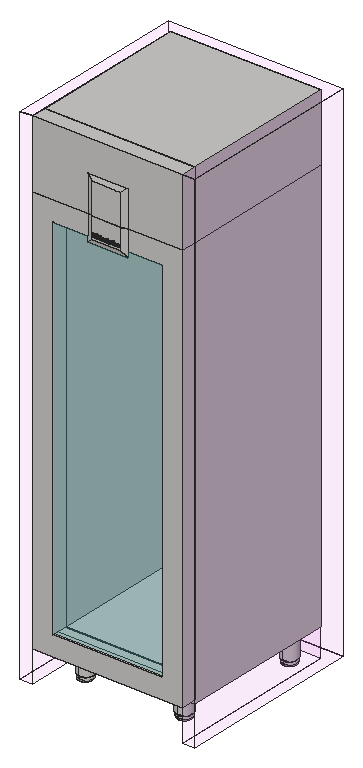
Revit family "QF_ELECTROLUXPROFESSIONAL_691346_PS04R1GHC", category Specialty Equipment, Revit 2018
Family settings
  Round Connector Dimension = Use Diameter
  Part Type = Normal
  Work Plane-Based = No
  Always vertical = Yes
  Cut with Voids When Loaded = No
  Shared = No
  Room Calculation Point = No
Parameters (values of type "Standard")
  Weight = 22.4263 lbm
  Watts = 0 W
  Volts = 220 V
  URL Manufacturer = "http://professional.electrolux.com"
  URL = "http://professional.electrolux.com"
  Steam Supply Size = 0"
  Steam Supply Minimum Pressure = 0.00 psi
  Steam Supply Maximum Pressure = 0.00 psi
  Steam Pounds per Hour = 0
  Show Clearance [instance] = yes
  Refrigeration Suction Line Size = 0"
  Refrigeration Liquid Line Size = 0"
  Refrigerant Compressor Remote = yes
  Phase = 1
  Model = "PS04R1GHC"
  Manufacturer = "Electrolux Professional"
  Length Actual = 600 mm  # constant formula
  Item Number = "691346"
  Hot Water Size = 0"
  Height Actual = 2040 mm  # constant formula
  HP = "0.3 HP"
  Gas Size = 0"
  Gas KW = 0
  Gas Input Pressure = 0.0 Btu/h
  Direct Waste Size = 0"
  Description = "1-GLASS DOOR REFRIGERATOR 470LT,0/+10°,PROST-R290"
  Depth Actual = 700 mm  # constant formula
  Cycle = 50 Hz
  Condensate Return Size = 0"
  Compressed Air Volume = 0 GPM
  Compressed Air Size = 0"
  Compressed Air Pressure = 0.00 psi
  Cold Water Size = 0"
  Accessory = yes
Types (2, lengths in mm): name | URL | Phase | Model | Manufacturer | Description
  (no name) | "http://professional.electrolux.com/" | 0 | "RBC201" | "Electrolux" | "BLAST CHILLER 56 KG 20 GN1/1"
  Standard | "http://professional.electrolux.com" | 1 | "PS04R1GHC" | "Electrolux Professional" | "1-GLASS DOOR REFRIGERATOR 470LT,0/+10°,PROST-R290"
Values of the unnamed type that differ from the named types
  Volts = 380 V
  URL Manufacturer = "http://professional.electrolux.com/"
  Item Number = "726624"
Reference planes
  plane 1 "BACK": y = 0
  plane 2: z = 0
  plane 3 "LEFT": x = 0
  plane 4 "RIGHT": x = 600
  plane 5 "FRONT": y = -700
  plane 6 "TOP": z = 2040
  plane 7 "Center Y": x = 300
  plane 8 "Center X": y = -350
  plane 9: x = 102
  plane 10: x = 498
  plane 11: z = 115
  plane 12: z = 86
  plane 13: y = -80
  plane 14: y = -694
  plane 15: y = -1227
  plane 16: y = -630
  plane 17: z = 1770
  plane 18: x = -50
  plane 19: y = 50
  plane 20: x = 650
Forms (mm)
  Extrusion 1, solid, material "QF_Metal - Stainless - Polished"
    sketch origin (0, 0, 0) x (1, 0, 0) y (0, 0, 1)
      loop
        line (0, 2040) -> (0, 1770) -> (600, 1770) -> (600, 2040) -> (0, 2040)
    from 0 to 630
  Extrusion 2, solid, material "QF_Metal - Stainless - Polished"
    sketch origin (0, 0, 0) x (1, 0, 0) y (0, 0, 1)
      loop
        line (0, 1770) -> (0, 115) -> (600, 115) -> (600, 1770) -> (0, 1770)
    from 0 to 630
  Extrusion 3, solid, material "QF_Metal - Stainless - Polished"
    sketch origin (-370, 0, -128) x (1, 0, 0) y (0, 0, 1)
      loop
        circle (450, 1847.083) r 20
    from -7.507 to 0
  Extrusion 4, solid, material "QF_Door-Drawer Clearances", visible <- "Show Clearance", detail levels coarse
    sketch origin (0, 0, 0) x (1, 0, 0) y (0, 1, 0)
      loop
        line (600, -694) -> (0, -694)
        arc (0, -694) -> (187.42, -1087.232) -> (600, -1227) r 559.707
        line (600, -1227) -> (600, -694)
    from 127.536 to 1770
  Extrusion 5, solid, material "QF_Metal - Stainless - Polished"
    sketch origin (0, 130.478, 0) x (1, 0, 0) y (0, 0, 1)
      loop
        line (0, 2040) -> (0, 1770) -> (600, 1770) -> (600, 2040) -> (0, 2040)
    from 760.478 to 824.478
  Extrusion 6, solid, material "QF_Metal - Stainless - Polished"
    sketch origin (0, 140, 0) x (1, 0, 0) y (0, 0, 1)
      loop
        line (0, 1770) -> (0, 127.536) -> (600, 127.536) -> (600, 1770) -> (0, 1770)
      loop
        line (80, 207.536) -> (520, 207.536) -> (520, 1690) -> (80, 1690) -> (80, 207.536)
    from 834 to 770
  Revolve 7, solid, material "QF_Metal - Stainless - Polished"
    sketch origin (497.59, -2.833, 0) x (0, 1, 0) y (0, 0, -1)
      loop
        line (-590.954, -115) -> (-553.167, -115) -> (-553.167, 0) -> (-578.757, 0)
        arc (-578.757, 0) -> (-580.973, -2.655) -> (-581.767, -6.021) r 7.527
        line (-581.767, -6.021) -> (-581.767, -17.561) -> (-585.28, -21.074) -> (-585.28, -110.008) -> (-590.954, -110.008) -> (-590.954, -115)
      axis (-553.167, 0) -> (-553.167, -115)
    angle from 0 to 360
  Revolve 8, solid, material "QF_Metal - Stainless - Polished"
    sketch origin (102, -2.833, 0) x (0, 1, 0) y (0, 0, 1)
      loop
        line (-590.954, 115) -> (-590.954, 110.008) -> (-585.28, 110.008) -> (-585.28, 21.074) -> (-581.767, 17.561) -> (-581.767, 6.021)
        arc (-581.767, 6.021) -> (-580.973, 2.655) -> (-578.757, 0) r 7.527
        line (-578.757, 0) -> (-553.167, 0) -> (-553.167, 115) -> (-590.954, 115)
      axis (-553.167, 0) -> (-553.167, 115)
    angle from 0 to 360
  Revolve 9, solid, material "QF_Metal - Stainless - Polished"
    sketch origin (538, -759.167, 0) x (0, -1, 0) y (0, 0, 1)
      loop
        line (-716.954, 115) -> (-716.954, 110.008) -> (-711.28, 110.008) -> (-711.28, 21.074) -> (-707.767, 17.561) -> (-707.767, 6.021)
        arc (-707.767, 6.021) -> (-706.973, 2.655) -> (-704.757, 0) r 7.527
        line (-704.757, 0) -> (-679.167, 0) -> (-679.167, 115) -> (-716.954, 115)
      axis (-679.167, 0) -> (-679.167, 115)
    angle from 0 to 360
  Revolve 10, solid, material "QF_Metal - Stainless - Polished"
    sketch origin (62, -759.167, 0) x (0, -1, 0) y (0, 0, 1)
      loop
        line (-716.954, 115) -> (-716.954, 110.008) -> (-711.28, 110.008) -> (-711.28, 21.074) -> (-707.767, 17.561) -> (-707.767, 6.021)
        arc (-707.767, 6.021) -> (-706.973, 2.655) -> (-704.757, 0) r 7.527
        line (-704.757, 0) -> (-679.167, 0) -> (-679.167, 115) -> (-716.954, 115)
      axis (-679.167, 0) -> (-679.167, 115)
    angle from 0 to 360
  Blend 11, solid, material "QF_Metal - Stainless - Polished"
    base sketch origin (-150, -694, 0) x (1, 0, 0) y (0, 0, 1)
      loop
        line (370, 1914.822) -> (370, 1664.822) -> (530, 1664.822) -> (530, 1914.822) -> (370, 1914.822)
    top sketch origin (-150, -694, 0) x (1, 0, 0) y (0, 0, 1)
      loop
        line (510, 1894.822) -> (390, 1894.822) -> (390, 1684.822) -> (510, 1684.822) -> (510, 1894.822)
    from 0 to 6
  Extrusion 12, void
    sketch origin (-150, -700, 0) x (-1, 0, 0) y (0, 0, 1)
      loop
        line (-370, 1770.997) -> (-530, 1770.997) -> (-530, 1769.003) -> (-370, 1769.003) -> (-370, 1770.997)
    from 0 to 6
  Extrusion 13, solid, material "QF_Door-Drawer Clearances"
    sketch origin (0, 0, 0) x (1, 0, 0) y (0, 1, 0)
      loop
        line (0, -694) -> (0, 0) -> (600, 0) -> (600, -694) -> (650, -694) -> (650, 50) -> (-50, 50) -> (-50, -694) -> (0, -694)
    from 0 to 2040
  Extrusion 14, void
    sketch origin (0, -630, 0) x (-1, 0, 0) y (0, 0, 1)
      loop
        line (-80, 1690) -> (-520, 1690) -> (-520, 207.536) -> (-80, 207.536) -> (-80, 1690)
    from 0 to 550
  Extrusion 15, solid, material "QF_Glass"
    sketch origin (0, -694, 0) x (1, 0, 0) y (0, 0, 1)
      loop
        line (80, 1690) -> (80, 207.536) -> (520, 207.536) -> (520, 1690) -> (80, 1690)
    from -5.204 to -22.013
Cuts and joins
  Extrusion 12 cuts Extrusion 1
  Extrusion 12, Extrusion 14 cuts Extrusion 2
  Extrusion 12 cuts Extrusion 5
  Extrusion 12 cuts Extrusion 6
  Extrusion 12 cuts Blend 11
Lines and regions (mm)
  Split face 1
    outline origin (-150, -700, 0) x (1, 0, 0) y (0, 0, 1)
      loop
        line (415, 1894.822) -> (415, 1742.499) -> (485, 1742.499) -> (485, 1894.822)
  symbolic lines
    curve 1: line (0, 0, 0) -> (600, 0, 0)
    curve 2: line (0, -694, 0) -> (0, 0, 0)
    curve 3: line (600, -694, 0) -> (0, -694, 0)
    curve 4: line (600, 0, 0) -> (600, -694, 0)
    curve 5: line (0, -630, 0) -> (600, -630, 0)
    curve 6: line (220, -694, 0) -> (240, -700, 0)
    curve 7: line (240, -700, 0) -> (360, -700, 0)
    curve 8: line (360, -700, 0) -> (380, -694, 0)
  symbolic lines, style "QF_Door-Drawer Clearances"
    curve 9: arc (0, -694, 0) -> (187.42, -1087.232, 0) -> (600, -1227, 0) r 559.707
    curve 10: line (600, -1227, 0) -> (600, -694, 0)
    curve 11: line (0, -694, 0) -> (-50, -694, 0)
    curve 12: line (-50, -694, 0) -> (-50, 50, 0)
    curve 13: line (-50, 50, 0) -> (650, 50, 0)
    curve 14: line (650, 50, 0) -> (650, -694, 0)
    curve 15: line (650, -694, 0) -> (600, -694, 0)
Dimensions and locks
  equal spacing: plane 3 "LEFT", plane 7 "Center Y", plane 4 "RIGHT"
  plane 3 "LEFT" to plane 4 "RIGHT" = 600 mm
  equal spacing: plane 5 "FRONT", plane 8 "Center X", plane 1 "BACK"
  plane 5 "FRONT" to plane 1 "BACK" = 700 mm
  plane 6 "TOP" to level = 2040 mm
  plane 9 to plane 3 "LEFT" = 102 mm
  plane 10 to plane 4 "RIGHT" = 102 mm
  plane 11 to level = 115 mm
  plane 12 to plane 11 = 29 mm
  plane 1 "BACK" to plane 13 = 80 mm
  plane 15 to plane 1 "BACK" = 1227 mm
  plane 3 "LEFT" to Extrusion 4 = 600 mm
  plane 11 to plane 2 = 115 mm
  plane 1 "BACK" to plane 16 = 630 mm
  plane 18 to plane 3 "LEFT" = 50 mm
  plane 4 "RIGHT" to plane 20 = 50 mm
  plane 1 "BACK" to plane 19 = 50 mm
  aligned and locked: level to plane 2
  aligned and locked: Extrusion 5 to plane 4 "RIGHT"
  aligned and locked: Extrusion 5 to plane 3 "LEFT"
  aligned and locked: plane 5 "FRONT" to Blend 11
  aligned and locked: Extrusion 14 sketch curve to cut or joined group of Extrusion 6, Extrusion 12  (x4)
  aligned and locked: Extrusion 15 sketch curve to cut or joined group of Extrusion 2, Extrusion 12, Extrusion 14  (x4)
Automatic sketch dimensions
  Extrusion 1 sketch curve to plane 3 "LEFT" = 0 mm
  plane 4 "RIGHT" to Extrusion 1 sketch curve = 0 mm
  Extrusion 1 sketch curve to plane 17 = 0 mm
  Extrusion 1 sketch curve to plane 6 "TOP" = 0 mm
  Extrusion 2 sketch curve to plane 3 "LEFT" = 0 mm
  plane 4 "RIGHT" to Extrusion 2 sketch curve = 0 mm
  Extrusion 2 sketch curve to plane 11 = 0 mm
  Extrusion 2 sketch curve to plane 17 = 0 mm
  Extrusion 3 sketch curve to plane 9 = 22 mm
  Extrusion 3 sketch curve to plane 17 = 50.917 mm
  Extrusion 4 sketch curve to plane 3 "LEFT" = 0 mm
  Extrusion 4 sketch curve to plane 4 "RIGHT" = 0 mm
  Extrusion 4 sketch curve to plane 15 = 0 mm
  plane 14 to Extrusion 4 sketch curve = 0 mm
  Extrusion 4 sketch curve to plane 14 = 25.214 mm
  Extrusion 5 sketch curve to plane 3 "LEFT" = 0 mm
  plane 4 "RIGHT" to Extrusion 5 sketch curve = 0 mm
  Extrusion 5 sketch curve to plane 17 = 0 mm
  Extrusion 5 sketch curve to plane 6 "TOP" = 0 mm
  Extrusion 6 sketch curve to plane 3 "LEFT" = 0 mm
  plane 4 "RIGHT" to Extrusion 6 sketch curve = 0 mm
  Extrusion 6 sketch curve to plane 17 = 0 mm
  plane 11 to Extrusion 6 sketch curve = 12.536 mm
  plane 11 to Revolve 7 sketch curve = 0 mm
  Revolve 7 sketch curve to level = 0 mm
  plane 16 to Revolve 7 sketch curve = 36.213 mm
  Revolve 7 sketch curve to Revolve 7 sketch curve = 5.674 mm
  Revolve 7 sketch curve to Revolve 7 sketch curve = 3.513 mm  (x2)
  Revolve 7 sketch curve to Revolve 7 sketch curve = 3.01 mm
  level to Revolve 7 sketch curve = 6.021 mm
  Revolve 7 sketch curve to Revolve 7 sketch curve = 21.073 mm
  Revolve 7 sketch curve to plane 11 = 4.992 mm  (x2)
  Revolve 7 sketch curve to Revolve 7 sketch curve = 15.053 mm
  Revolve 7 sketch curve to Revolve 7 sketch curve = 0 mm
  Revolve 7 sketch curve to Revolve 7 sketch curve = 20.008 mm
  Revolve 8 sketch curve to plane 11 = 0 mm
  Revolve 8 sketch curve to level = 0 mm
  plane 16 to Revolve 8 sketch curve = 36.213 mm
  Revolve 8 sketch curve to Revolve 8 sketch curve = 5.674 mm
  Revolve 8 sketch curve to Revolve 8 sketch curve = 3.513 mm  (x2)
  Revolve 8 sketch curve to Revolve 8 sketch curve = 3.01 mm
  level to Revolve 8 sketch curve = 6.021 mm
  Revolve 8 sketch curve to Revolve 8 sketch curve = 21.073 mm
  Revolve 8 sketch curve to Revolve 8 sketch curve = 11.54 mm
  Revolve 8 sketch curve to plane 11 = 4.992 mm
  Revolve 8 sketch curve to Revolve 8 sketch curve = 0 mm
  Revolve 8 sketch curve to Revolve 8 sketch curve = 4.992 mm
  plane 11 to Revolve 8 sketch curve = 20.008 mm
  Revolve 9 sketch curve to plane 11 = 0 mm
  Revolve 9 sketch curve to level = 0 mm
  Revolve 9 sketch curve to plane 13 = 0 mm  (x2)
  level to Revolve 9 sketch curve = 6.021 mm
  Revolve 9 sketch curve to plane 13 = 21.073 mm
  Revolve 9 sketch curve to Revolve 9 sketch curve = 4.517 mm
  Revolve 9 sketch curve to Revolve 9 sketch curve = 3.513 mm  (x2)
  Revolve 9 sketch curve to Revolve 9 sketch curve = 5.674 mm
  Revolve 9 sketch curve to Revolve 9 sketch curve = 11.54 mm
  Revolve 9 sketch curve to plane 11 = 4.992 mm
  Revolve 9 sketch curve to Revolve 9 sketch curve = 4.992 mm
  plane 11 to Revolve 9 sketch curve = 20.008 mm
  Revolve 10 sketch curve to plane 11 = 0 mm
  Revolve 10 sketch curve to level = 0 mm
  Revolve 10 sketch curve to plane 13 = 0 mm  (x2)
  Revolve 10 sketch curve to level = 6.021 mm
  plane 13 to Revolve 10 sketch curve = 21.073 mm
  Revolve 10 sketch curve to Revolve 10 sketch curve = 4.517 mm
  Revolve 10 sketch curve to Revolve 10 sketch curve = 3.513 mm  (x2)
  Revolve 10 sketch curve to Revolve 10 sketch curve = 5.674 mm
  Revolve 10 sketch curve to Revolve 10 sketch curve = 11.54 mm
  plane 11 to Revolve 10 sketch curve = 4.992 mm  (x2)
  Revolve 10 sketch curve to Revolve 10 sketch curve = 20.008 mm
  Blend 11 sketch curve to Extrusion 6 = 105.178 mm
  Blend 11 sketch curve to Extrusion 6 = 220 mm
  Blend 11 sketch curve to Blend 11 sketch curve = 160 mm
  Extrusion 6 to Blend 11 sketch curve = 144.822 mm
  Extrusion 6 to Blend 11 sketch curve = 124.822 mm
  Blend 11 sketch curve to Extrusion 6 = 240 mm
  Blend 11 sketch curve to Blend 11 sketch curve = 120 mm
  Blend 11 sketch curve to Extrusion 6 = 85.178 mm
  Split face 1 sketch curve to Blend 11 = 0 mm  (x2)
  Split face 1 sketch curve to Blend 11 = 25 mm  (x2)
  Split face 1 sketch curve to Blend 11 = 57.677 mm
  Extrusion 12 sketch curve to Blend 11 = 20 mm  (x2)
  Blend 11 to Extrusion 12 sketch curve = 84.181 mm
  Extrusion 12 sketch curve to Extrusion 12 sketch curve = 1.995 mm
  Extrusion 13 sketch curve to plane 18 = 0 mm
  plane 1 "BACK" to Extrusion 13 sketch curve = 0 mm
  Extrusion 13 sketch curve to plane 3 "LEFT" = 0 mm
  Extrusion 13 sketch curve to plane 4 "RIGHT" = 0 mm
  Extrusion 13 sketch curve to plane 19 = 0 mm
  Extrusion 13 sketch curve to plane 20 = 0 mm
  plane 14 to Extrusion 13 sketch curve = 0 mm  (x2)
  curve 13 to plane 18 = 0 mm
  curve 3 to plane 3 "LEFT" = 0 mm
  plane 5 "FRONT" to curve 7 = 0 mm
  curve 9 to plane 4 "RIGHT" = 0 mm
  curve 15 to plane 4 "RIGHT" = 0 mm
  plane 14 to curve 14 = 0 mm
  curve 14 to plane 20 = 0 mm
  curve 10 to plane 15 = 0 mm
  curve 5 to plane 16 = 0 mm
  plane 1 "BACK" to curve 4 = 0 mm
  curve 13 to plane 19 = 0 mm
  curve 7 to plane 7 "Center Y" = 60 mm
  plane 7 "Center Y" to curve 8 = 60 mm
  curve 9 to plane 14 = 25.214 mm
  curve 6 to curve 6 = 20 mm
  curve 7 to curve 8 = 20 mm
  Extrusion 6 sketch curve to plane 9 = 22 mm
  Extrusion 6 sketch curve to plane 10 = 22 mm
  plane 11 to Extrusion 6 sketch curve = 92.536 mm
  Extrusion 6 sketch curve to plane 17 = 80 mm
  radius of Extrusion 3 sketch curve = 20 mm
Nested families
  nested 1: "ELX_Logo_S" at (300.625, -700, 1704.375) x (1, 0, 0) z (0, -1, 0), type "ELX_Logo_S"
Connectors
  electrical at (80, 7.507, 1719.083), driven by "Volts"
    settings: on Extrusion 3, index 2, voltage 220 V, apparent load 0 VA, apparent load phase1 0 VA, apparent load phase2 0 VA, apparent load phase3 0 VA, power factor 1, load classification "Other", number of poles 1, system type 30, power factor state 1, is connector primary yes, connector utility no, sub classification motor no, connector description "Electrical Connection"
Definition of nested family "ELX_Logo_S"
  Parameters (values of type "ELX_Logo_S")
    Default Elevation = 0 mm
  Reference planes
    plane 1 "Centro (Fronte/Retro)": y = 0
    plane 2: z = 0
    plane 3 "Centro (Sinistra/Destra)": x = 0
  Forms (mm)
    Extrusion 1, solid
      sketch origin (0, 0, 0) x (1, 0, 0) y (0, 1, 0)
        loop
          line (-1219.2, 1219.2) -> (-1219.2, -1219.2) -> (1219.2, -1219.2) -> (1219.2, 1219.2) -> (-1219.2, 1219.2)
      from 0 to -304.8
    Extrusion 2, solid
      sketch origin (0, 0, 0) x (1, 0, 0) y (0, 1, 0)
        loop
          line (-43.793, 5.912) -> (-43.793, -6.455)
          arc (-43.793, -6.455) -> (-39.222, -0.272) -> (-43.793, 5.912) r 6.467
        loop
          arc (-44.422, 5.912) -> (-49.565, 4.743) -> (-52.043, 0.087) r 6.338
          line (-52.043, 0.087) -> (-49.997, 0.087)
          arc (-49.997, 0.087) -> (-46.342, 1.57) -> (-44.422, 5.016) r 5.941
          line (-44.422, 5.016) -> (-44.422, 5.912)
        loop
          arc (-44.422, -5.559) -> (-46.342, -2.114) -> (-49.997, -0.63) r 5.941
          line (-49.997, -0.63) -> (-52.043, -0.63)
          arc (-52.043, -0.63) -> (-49.569, -5.324) -> (-44.422, -6.614) r 6.504
          line (-44.422, -6.614) -> (-44.422, -5.559)
        loop
          line (-52.512, 6.586) -> (-52.512, -7.158) -> (-38.749, -7.158) -> (-38.749, 6.586) -> (-52.512, 6.586)
        loop
          arc (-35.782, 6.67) -> (-36.139, 6.322) -> (-35.801, 5.955) r 0.358
          arc (-35.801, 5.955) -> (-35.051, 5.641) -> (-34.666, 4.924) r 1.216
          line (-34.666, 4.924) -> (-34.666, -5.488)
          arc (-34.666, -5.488) -> (-34.944, -6.148) -> (-35.54, -6.544) r 1.238
          arc (-35.54, -6.544) -> (-35.791, -6.939) -> (-35.437, -7.244) r 0.358
          line (-35.437, -7.244) -> (-25.558, -7.244) -> (-25.558, -4.494) -> (-26.455, -4.494)
          arc (-26.455, -4.494) -> (-27.035, -5.403) -> (-28.012, -5.858) r 1.928
          line (-28.012, -5.858) -> (-30.511, -5.858)
          arc (-30.511, -5.858) -> (-31.24, -5.583) -> (-31.604, -4.894) r 1.101
          line (-31.604, -4.894) -> (-31.604, -0.808) -> (-27.931, -0.808)
          arc (-27.931, -0.808) -> (-27.434, -1.16) -> (-27.206, -1.725) r 1.083
          arc (-27.206, -1.725) -> (-26.9, -1.989) -> (-26.622, -1.697) r 0.292
          line (-26.622, -1.697) -> (-26.622, 1.265)
          arc (-26.622, 1.265) -> (-26.895, 1.568) -> (-27.225, 1.329) r 0.305
          arc (-27.225, 1.329) -> (-27.473, 0.839) -> (-27.931, 0.534) r 1.083
          line (-27.931, 0.534) -> (-31.604, 0.534) -> (-31.604, 5.211) -> (-27.857, 5.211)
          arc (-27.857, 5.211) -> (-27.101, 4.997) -> (-26.603, 4.39) r 1.314
          arc (-26.603, 4.39) -> (-26.199, 4.171) -> (-25.907, 4.526) r 0.361
          line (-25.907, 4.526) -> (-25.907, 6.67) -> (-35.782, 6.67)
        loop
          arc (-25.126, 5.953) -> (-24.207, 5.572) -> (-23.827, 4.654) r 1.299
          line (-23.827, 4.654) -> (-23.827, -4.925)
          arc (-23.827, -4.925) -> (-24.205, -5.763) -> (-25.083, -6.035) r 1.118
          line (-25.083, -6.035) -> (-25.083, -7.244) -> (-19.733, -7.244) -> (-19.733, -6.056)
          arc (-19.733, -6.056) -> (-20.65, -5.784) -> (-21.046, -4.914) r 1.153
          line (-21.046, -4.914) -> (-21.046, 7.158) -> (-25.126, 5.953)
        loop
          line (-17.097, -2.28) -> (-10.65, -2.28) -> (-10.65, -1.481)
          arc (-10.65, -1.481) -> (-11.634, 1.1) -> (-14.088, 2.369) r 3.874
          line (-14.088, 2.369) -> (-15.848, 2.369)
          arc (-15.848, 2.369) -> (-18.713, 1.182) -> (-19.899, -1.682) r 4.051
          line (-19.899, -1.682) -> (-19.899, -3.691)
          arc (-19.899, -3.691) -> (-18.414, -6.509) -> (-15.407, -7.561) r 4.352
          arc (-15.407, -7.561) -> (-12.944, -7.196) -> (-10.87, -5.819) r 5.713
          line (-10.87, -5.819) -> (-10.87, -4.87)
          arc (-10.87, -4.87) -> (-12.439, -5.603) -> (-14.157, -5.819) r 5.579
          arc (-14.157, -5.819) -> (-16.12, -5.025) -> (-17.097, -3.146) r 3.057
          line (-17.097, -3.146) -> (-17.097, -2.28)
        loop
          line (-17.097, -1.02) -> (-13.515, -1.02)
          arc (-13.515, -1.02) -> (-13.468, 0.436) -> (-14.627, 1.319) r 1.59
          line (-14.627, 1.319) -> (-15.457, 1.319)
          arc (-15.457, 1.319) -> (-16.712, 0.455) -> (-17.097, -1.02) r 2.184
        loop
          arc (-1.232, 1.771) -> (-2.906, 2.259) -> (-4.643, 2.417) r 9.023
          line (-4.643, 2.417) -> (-6.005, 2.417)
          arc (-6.005, 2.417) -> (-8.805, 1.257) -> (-9.965, -1.542) r 3.959
          line (-9.965, -1.542) -> (-9.965, -4.142)
          arc (-9.965, -4.142) -> (-8.672, -6.424) -> (-6.299, -7.541) r 4.331
          line (-6.299, -7.541) -> (-4.164, -7.541)
          arc (-4.164, -7.541) -> (-2.614, -7.033) -> (-1.268, -6.112) r 5.772
          arc (-1.268, -6.112) -> (-1.217, -5.35) -> (-1.976, -5.263) r 0.553
          arc (-1.976, -5.263) -> (-2.71, -5.651) -> (-3.529, -5.785) r 2.573
          line (-3.529, -5.785) -> (-5.044, -5.785)
          arc (-5.044, -5.785) -> (-6.686, -4.779) -> (-7.328, -2.965) r 2.884
          line (-7.328, -2.965) -> (-7.328, -1.686)
          arc (-7.328, -1.686) -> (-6.768, 0.135) -> (-5.103, 1.062) r 2.554
          line (-5.103, 1.062) -> (-4.05, 1.062)
          arc (-4.05, 1.062) -> (-3.122, 0.73) -> (-2.387, 0.073) r 2.564
          arc (-2.387, 0.073) -> (-1.67, -0.148) -> (-1.232, 0.461) r 0.643
          line (-1.232, 0.461) -> (-1.232, 1.771)
        loop
          line (-0.962, 0.752) -> (0.539, 0.752) -> (0.539, -5.296)
          arc (0.539, -5.296) -> (1.197, -6.884) -> (2.785, -7.541) r 2.246
          line (2.785, -7.541) -> (4.369, -7.541)
          arc (4.369, -7.541) -> (5.233, -7.228) -> (6.005, -6.727) r 4.06
          arc (6.005, -6.727) -> (6.138, -5.995) -> (5.437, -5.743) r 0.576
          arc (5.437, -5.743) -> (4.911, -5.849) -> (4.379, -5.785) r 1.69
          arc (4.379, -5.785) -> (3.591, -5.244) -> (3.288, -4.337) r 1.506
          line (3.288, -4.337) -> (3.288, 0.801) -> (5.685, 0.801) -> (6.241, 1.357) -> (6.241, 2.179) -> (3.382, 2.179) -> (3.382, 5.41) -> (-0.962, 0.752)
        loop
          line (7.139, -7.324) -> (12.526, -7.324) -> (12.526, -6.214)
          arc (12.526, -6.214) -> (11.575, -5.82) -> (11.181, -4.869) r 1.345
          line (11.181, -4.869) -> (11.181, -1.253)
          arc (11.181, -1.253) -> (11.773, -0.488) -> (12.695, -0.199) r 1.615
          line (12.695, -0.199) -> (14.251, -0.199) -> (14.936, 2.357) -> (13.553, 2.357) -> (10.994, 0.414) -> (10.994, 2.295) -> (8.288, 2.01)
          arc (8.288, 2.01) -> (7.758, 1.571) -> (7.959, 0.912) r 0.621
          arc (7.959, 0.912) -> (8.301, 0.512) -> (8.484, 0.018) r 1.501
          line (8.484, 0.018) -> (8.484, -4.869)
          arc (8.484, -4.869) -> (8.09, -5.82) -> (7.139, -6.214) r 1.345
          line (7.139, -6.214) -> (7.139, -7.324)
        loop
          line (14.473, -1.222) -> (14.473, -3.914)
          arc (14.473, -3.914) -> (15.781, -6.36) -> (18.311, -7.494) r 4.288
          arc (18.311, -7.494) -> (19.692, -7.557) -> (21.072, -7.494) r 15.022
          arc (21.072, -7.494) -> (23.603, -6.36) -> (24.91, -3.914) r 4.288
          line (24.91, -3.914) -> (24.91, -1.222)
          arc (24.91, -1.222) -> (23.603, 1.223) -> (21.072, 2.357) r 4.288
          arc (21.072, 2.357) -> (19.692, 2.421) -> (18.311, 2.357) r 15.022
          arc (18.311, 2.357) -> (15.781, 1.223) -> (14.473, -1.222) r 4.288
        loop
          line (17.587, -1.017) -> (17.587, -4.119)
          arc (17.587, -4.119) -> (19.744, -6.276) -> (21.901, -4.119) r 2.157
          line (21.901, -4.119) -> (21.901, -1.017)
          arc (21.901, -1.017) -> (19.744, 1.14) -> (17.587, -1.017) r 2.157
        loop
          arc (24.768, 5.964) -> (25.662, 5.593) -> (26.033, 4.699) r 1.264
          line (26.033, 4.699) -> (26.033, -5.165)
          arc (26.033, -5.165) -> (25.636, -6.035) -> (24.72, -6.307) r 1.153
          line (24.72, -6.307) -> (24.72, -7.244) -> (29.828, -7.244) -> (29.828, -6.316)
          arc (29.828, -6.316) -> (29.056, -5.957) -> (28.741, -5.165) r 1.153
          line (28.741, -5.165) -> (28.741, 7.158) -> (24.768, 5.964)
        loop
          arc (29.365, 1.084) -> (30.43, 0.885) -> (30.912, -0.085) r 1.215
          line (30.912, -0.085) -> (30.912, -5.105)
          arc (30.912, -5.105) -> (31.559, -6.719) -> (33.142, -7.44) r 2.338
          line (33.142, -7.44) -> (34.657, -7.44)
          arc (34.657, -7.44) -> (35.661, -7.266) -> (36.547, -6.763) r 2.979
          line (36.547, -6.763) -> (38.344, -7.244) -> (40.032, -7.244) -> (40.032, 2.181) -> (35.829, 1.887) -> (35.829, 1.101)
          arc (35.829, 1.101) -> (36.665, 0.745) -> (37.174, -0.007) r 1.605
          line (37.174, -0.007) -> (37.174, -5.11)
          arc (37.174, -5.11) -> (36.237, -5.531) -> (35.213, -5.603) r 2.94
          arc (35.213, -5.603) -> (34.112, -5.042) -> (33.669, -3.889) r 1.724
          line (33.669, -3.889) -> (33.669, 2.307) -> (29.365, 1.084)
        loop
          line (40.886, 2.112) -> (42.932, 0.44) -> (45.238, -2.734) -> (42.126, -6.191)
          arc (42.126, -6.191) -> (41.732, -6.428) -> (41.273, -6.405) r 0.789
          line (41.273, -6.405) -> (41.273, -7.244) -> (44.818, -7.244) -> (44.818, -6.418)
          arc (44.818, -6.418) -> (44.456, -6.076) -> (44.548, -5.586) r 0.52
          line (44.548, -5.586) -> (46.019, -3.786) -> (47.394, -5.904)
          arc (47.394, -5.904) -> (47.084, -6.305) -> (46.585, -6.392) r 0.7
          line (46.585, -6.392) -> (46.585, -7.244) -> (52.512, -7.244) -> (52.512, -6.358)
          arc (52.512, -6.358) -> (51.853, -6.291) -> (51.322, -5.896) r 1.247
          line (51.322, -5.896) -> (48.041, -1.696) -> (50.094, 0.751) -> (51.836, 2.112) -> (48.112, 2.112) -> (48.535, 0.627) -> (47.258, -0.895) -> (46.068, 0.806) -> (46.844, 2.112) -> (40.886, 2.112)
      from 0 to 1.644
  Dimensions and locks
    aligned and locked: plane 2 to Extrusion 1
    aligned and locked: level to Extrusion 1
